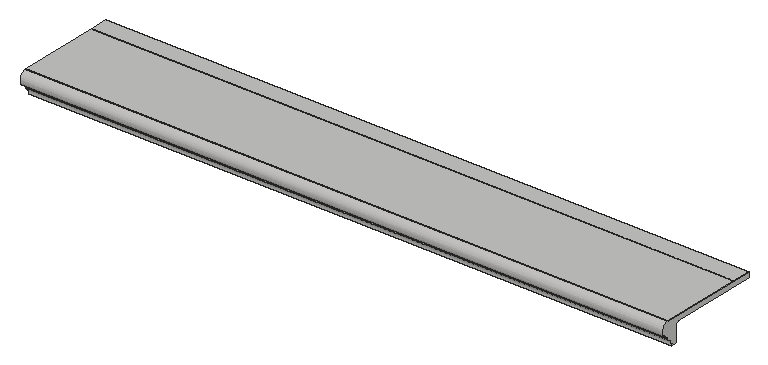
Revit family "Stair_Tread-Wooster-Cast_Nosings_Thresholds-104", category Specialty Equipment, host Face, Revit 2017
Family settings
  Host = Face
  Round Connector Dimension = Use Diameter
  Part Type = Normal
  OmniClass Number = 23.30.70.21.11.11.11
  OmniClass Title = Stair Nosings
  Cut with Voids When Loaded = No
  Shared = No
  Room Calculation Point = No
Parameters (values of type "104-6")
  Width = 0' - 6"
  Version = "2017 - v2.0a"  # constant formula
  URL = "http://www.wooster-products.com/"
  Support Phone = "(224) 699-9545"  # constant formula
  Support Email = "mailto:support@anguleris.com"
  Safety Tread [instance] = Filler - Wooster - Grey - Cast Tread
  Product Page URL = "http://www.woosterproducts.com/products/alumogrit-ferrogrit/cast-structural-treads/"
  Product Name = "Abrasive Cast Structural Treads"  # constant formula
  Product Documentation Link = "http://www.woosterproducts.com/spec/104.pdf"
  Model = "104-6"
  Material = ""
  Manufacturer Phone Number = "1-800-321-4936 or 330-264-2844"  # constant formula
  Manufacturer Fax Number = "330-262-4151"  # constant formula
  Manufacturer Email = "mailto:tim@wooster-products.com"
  Manufacturer Address = "1000 Spruce Street, P.O. BOX 6005, Wooster, OH. 44691"  # constant formula
  Manufacturer = "Wooster Productions Inc"  # constant formula
  Length Constraint [instance] = if(Length > 8' 6", 8' 6", Length)  # 3' - 0"
  Length [instance] = 3' - 0"
  Feature Strip = if(Width < 0' 5", 0' 0 1/2", if(Width = 0' 6", 0' 1", 0' 0 1/2"))  # 0' - 1"
  Description = "Anti-Slip Stair Nosing"  # constant formula
  Depth = 0' - 0 5/16"  # constant formula
  Default Elevation = 0' - 0"  # constant formula
  Copyright = "Wooster Products Inc. 2019"  # constant formula
  Construction Type = "New Construction"  # constant formula
Types (4): name | Width | Model | Feature Strip
  (no name) | 0' - 3" | "104-3" | 0' - 0 1/2"
  104-3 | 0' - 3" | "104-3" | 0' - 0 1/2"
  104-4 | 0' - 4" | "104-4" | 0' - 0 1/2"
  104-6 | 0' - 6" | "104-6" | 0' - 1"
Values of the unnamed type that differ from the named types
  Support Email = ""
  Product Page URL = "http://www.wooster-products.com/Cast_Nosings_Thresholds.html"
  Product Documentation Link = "http://wooster-products.com/pub/Specs/104.pdf"
  Manufacturer Email = ""
Reference planes (in)
  plane 1 "Center (Front/Back)": y = 0
  plane 2: z = 0
  plane 3 "Center (Left/Right)": x = 0
  plane 4 "Left": x = -18
  plane 5 "Right": x = 18
  plane 6 "Back": y = 3
  plane 7 "Front": y = -3
  plane 8 "Bottom": z = -0.29687
  plane 9: y = 2
  plane 10: z = -0.04687
  plane 11: z = 0.01563
Forms (in)
  Extrusion 1, solid, material "Filler - Wooster - Concrete"
    sketch origin (0, 0, 0) x (0, 1, 0) y (0, 0, 1)
      loop
        line (3, -0.04687) -> (-2.61191, -0.04687) -> (-2.61191, 0.01563)
        arc (-2.61191, 0.01563) -> (-3, -0.36879) -> (-2.61929, -0.76053) r 0.38811
        line (-2.61929, -0.76053) -> (-2.61929, -0.93015)
        arc (-2.61929, -0.93015) -> (-2.44635, -1.08758) -> (-2.38229, -1.3125) r 0.42692
        line (-2.38229, -1.3125) -> (-2.07796, -1.3125) -> (-2.07796, -0.38905)
        arc (-2.07796, -0.38905) -> (-2.01504, -0.32173) -> (-1.9263, -0.29687) r 0.17087
        line (-1.9263, -0.29687) -> (3, -0.29687) -> (3, -0.04687)
    from -18 to 18
  Extrusion 2, solid, material "Filler - Wooster - Concrete"
    sketch origin (0, 0, 0) x (0, 1, 0) y (0, 0, 1)
      loop
        line (3, 0.01563) -> (2, 0.01563) -> (2, -0.04687) -> (3, -0.04687) -> (3, 0.01563)
    from -18 to 18
  Extrusion 3, solid, material "Filler - Wooster - Grey - Cast Tread" <- "Safety Tread"
    sketch origin (0, 0, 0) x (0, 1, 0) y (0, 0, 1)
      loop
        line (2, 0.01563) -> (-2.61191, 0.01563) -> (-2.61191, -0.04687) -> (2, -0.04687) -> (2, 0.01563)
    from -18 to 18
  Extrusion 4, void
    sketch origin (0, 0, 0) x (0, 1, 0) y (0, 0, 1)
      loop
        line (3, -0.04687) -> (-2.61191, -0.04687) -> (-2.61191, 0.01563) -> (-3, 0.01563) -> (-3, -1.3125) -> (-2.07796, -1.3125) -> (-2.07796, -0.38905)
        arc (-2.07796, -0.38905) -> (-2.01504, -0.32173) -> (-1.9263, -0.29688) r 0.17087
        line (-1.9263, -0.29688) -> (3, -0.29688) -> (3, -0.04687)
    from -18 to 18
Lines and regions (in)
  Masking region 1
    outline origin (0, 0, 0) x (1, 0, 0) y (0, 1, 0)
      loop
        line (-18, 3) -> (-18, -3) -> (18, -3) -> (18, 3) -> (-18, 3)
Dimensions and locks (in)
  equal spacing: plane 4 "Left", plane 3 "Center (Left/Right)", plane 5 "Right"
  "Length Constraint": plane 4 "Left" to plane 5 "Right"
  equal spacing: plane 7 "Front", plane 1 "Center (Front/Back)", plane 6 "Back"
  "Width": plane 7 "Front" to plane 6 "Back"
  "Feature Strip": plane 6 "Back" to plane 9
  locked: Extrusion 3 sketch curve to plane 7 "Front" at 0.38809
  locked: plane 11 to plane 10 at 0.0625
  "Depth": plane 11 to plane 8 "Bottom"
  Extrusion 1 sketch curve to Extrusion 1 sketch curve to Extrusion 1 sketch curve to Extrusion 1 sketch curve to Extrusion 1 sketch curve to Extrusion 1 sketch curve to plane 7 "Front" = 0' - 0.15167" locked, 0' - 0.53394" locked, 0' - 0" locked, 0' - 0.00738" locked, 0' - 0.18993" locked, 0' - 0.19079" locked
  plane 11 to Extrusion 1 sketch curve to Extrusion 1 sketch curve to Extrusion 1 sketch curve to Extrusion 1 sketch curve = 0' - 0.38811" locked, 0' - 0.09526" locked, 0' - 0.84476" locked, 0' - 0" locked
  plane 11 to Extrusion 4 sketch curve to Extrusion 4 sketch curve = 0' - 0.48337" locked, 0' - 0.84476" locked
  Extrusion 4 sketch curve to Extrusion 4 sketch curve to plane 7 "Front" = 0' - 0.15167" locked, 0' - 0.92204" locked
  aligned and locked: plane 2 to host face
  aligned and locked: level to host face
  aligned and locked: Extrusion 1 sketch curve to plane 8 "Bottom"
  aligned and locked: Extrusion 1 to plane 4 "Left"
  aligned and locked: Extrusion 1 to plane 5 "Right"
  aligned and locked: plane 6 "Back" to Extrusion 1 sketch curve
  aligned and locked: plane 6 "Back" to Extrusion 2 sketch curve
  aligned and locked: Extrusion 2 sketch curve to plane 9
  aligned and locked: Extrusion 3 sketch curve to Extrusion 2
  aligned and locked: Extrusion 2 to plane 4 "Left"
  aligned and locked: Extrusion 3 to plane 4 "Left"
  aligned and locked: Extrusion 3 to plane 5 "Right"
  aligned and locked: Extrusion 2 to plane 5 "Right"
  aligned and locked: Masking region 1 sketch curve to plane 6 "Back"
  aligned and locked: plane 4 "Left" to Masking region 1 sketch curve
  aligned and locked: Masking region 1 sketch curve to plane 7 "Front"
  aligned and locked: plane 5 "Right" to Masking region 1 sketch curve
  aligned and locked: plane 10 to Extrusion 3 sketch curve
  aligned and locked: plane 10 to Extrusion 2 sketch curve
  aligned and locked: Extrusion 1 sketch curve to plane 10
  aligned and locked: Extrusion 2 sketch curve to plane 11
  aligned and locked: Extrusion 4 sketch curve to plane 7 "Front"
  aligned and locked: Extrusion 4 sketch curve to plane 11
Automatic sketch dimensions
  host sketch curve to host sketch curve = 8' - 0"
  host sketch curve to host sketch curve = 4' - 0"
  level to Extrusion 1 sketch curve = 0' - 0 1/64"
  Extrusion 3 sketch curve to plane 11 = 0' - 0"
  Extrusion 1 sketch curve to Extrusion 1 sketch curve = 0' - 0.16963"
  Extrusion 4 sketch curve to plane 10 = 0' - 0"
  Extrusion 4 sketch curve to plane 8 "Bottom" = 0' - 0"
  Extrusion 4 sketch curve to plane 6 "Back" = 0' - 0"
  Extrusion 4 sketch curve to Extrusion 4 sketch curve = 0' - 0.38809"
